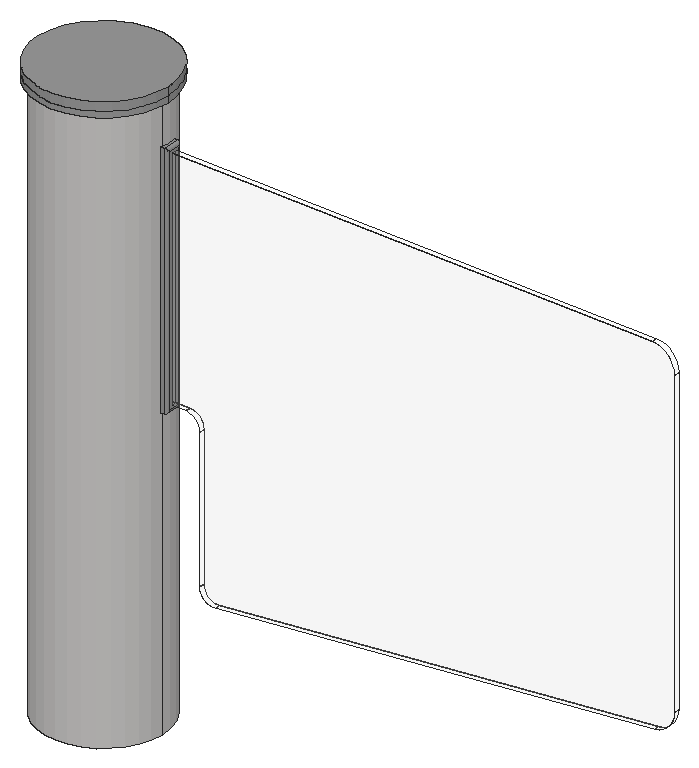
Revit family "CAME_Турникет_Калитка_WINGGL_Автоматическая", category Специальное оборудование, Revit 2019
Family settings
  Размер круглого соединителя = Использовать диаметр
  Тип детали = Нормальный
  На основе рабочей плоскости = Нет
  Всегда вертикально = Да
  При загрузке вырезать с полостями = Нет
  Общий = Нет
  Точка расчета площади = Нет
Parameters (values of type "900")
  Ширина створки = 900 mm
  Полуростовая = not(Полноростовая)  # yes
  Полноростовая = no
  Описание = "Турникет-калитка автоматическая. Корпус из нержавеющей стали AISI 304. Оснащена платой управления и светодиодным индикатором. Сервопозиционный электропривод створки с определением препятствий и разблокировкой при отключении электропитания. Створка из 10 мм закаленного стекла 900 мм (высота установленной створки 930). Встроенный блок питания."
  Изготовитель = "CAME"  # constant formula
  Группа модели = "Турникеты"  # constant formula
  Watermark [instance] = "Модели защищены уникальным кодом"
  URL = "https://camerussia.com"
  CAME_Тип механизма турникета = "моторизованный"  # constant formula
  CAME_Напряжение электропитания двигателя (В) = 24 V  # constant formula
  CAME_Класс защиты (IP) = "44"  # constant formula
  CAME_Интенсивность использования (%) = "ИНТЕНСИВНОЕ"  # constant formula
  CAME_Диапазон рабочих температур (°C) = "-20 ÷ +68"  # constant formula
  CAME_Время открывания (с) = "2.5"  # constant formula
  BL_Разработано = "support@bimlib.pro"  # constant formula
  BL_Email = "cru.info@came.com"  # constant formula
  BL_BIM library = "https://bimlib.pro/manufacturer/came/cf0b6efe-31e5-4ffa-b7ea-1d6fa84041d4/?tab=products"
  ADSK_Размер_Ширина = ADSK_Размер_Диаметр + Ширина створки  # 1130 mm
  ADSK_Размер_Диаметр = 230 mm  # constant formula
  ADSK_Размер_Высота = if(Полноростовая, 1500 mm, 1030 mm)  # 1030 mm
  ADSK_Полная мощность = ADSK_Номинальная мощность / ADSK_Коэффициент мощности  # 67.7083 VA
  ADSK_Обозначение = "ТУ 26.30.50-001-89603926-2021"  # constant formula
  ADSK_Номинальная мощность = 65 W  # constant formula
  ADSK_Напряжение = 230 V  # constant formula
  ADSK_Наименование краткое = "Турникет-калитка WING GL 900 мм"
  ADSK_Наименование = "Турникет-калитка моторизованная WING GL со створкой из закаленного стекла 900 мм"
  ADSK_Масса_Текст = "50"
  ADSK_Масса = 50
  ADSK_Марка = "АРТ:001PSWNG4GLA1"
  ADSK_Коэффициент мощности = 0.96
  ADSK_Количество фаз = 1  # constant formula
  ADSK_Количество = 1  # constant formula
  ADSK_Код изделия = "Код КСР 26.30.50.119.61.2.07.09"  # constant formula
  ADSK_Классификация нагрузок = Прочее
  ADSK_Завод-изготовитель = "CAME"  # constant formula
  ADSK_Единица измерения = "шт."  # constant formula
  ADSK_Группирование = "WING"  # constant formula
  ADSK_Версия семейства = "1.0"  # constant formula
  ADSK_Версия Revit = "2019"  # constant formula
  ADSK_URL страницы изделия = "https://camerussia.com/product/001pswng4gl1/"
  ADSK_URL документации изделия = "https://camerussia.com/uploads/support/instructions/files/Инструкция%20WING%20GL.pdf"
Types (4, lengths in mm): name | Ширина створки | Полуростовая | Полноростовая | Описание | ADSK_Размер_Ширина | ADSK_Размер_Высота | ADSK_Наименование краткое | ADSK_Наименование | ADSK_Масса_Текст | ADSK_Масса | ADSK_Марка
  (no name) | 900 | yes | no | "Турникет-калитка автоматическая. Корпус из нержавеющей стали AISI 304. Оснащена платой управления и светодиодным индикатором. Сервопозиционный электропривод створки с определением препятствий и разблокировкой при отключении электропитания. Створка из 10 мм закаленного стекла 900 мм (высота установленной створки 930). Встроенный блок питания." | 1130 | 1030 | "Турникет-калитка WING GL 900 мм" | "Турникет-калитка моторизованная WING GL со створкой из закаленного стекла 900 мм" | "50" | 50 | "АРТ:001PSWNG4GLA1"
  550 | 550 | yes | no | "Турникет-калитка автоматическая. Корпус из нержавеющей стали AISI 304. Оснащена платой управления и светодиодным индикатором. Сервопозиционный электропривод створки с определением препятствий и разблокировкой при отключении электропитания. Створка из 10 мм закаленного стекла 550 мм (высота установленной створки 930). Встроенный блок питания." | 780 | 1030 | "Турникет-калитка WING GL 550 мм" | "Турникет-калитка моторизованная WING GL со створкой из закаленного стекла 550 мм" | "50" | 50 | "АРТ:001PSWNG4GL1"
  900 | 900 | yes | no | "Турникет-калитка автоматическая. Корпус из нержавеющей стали AISI 304. Оснащена платой управления и светодиодным индикатором. Сервопозиционный электропривод створки с определением препятствий и разблокировкой при отключении электропитания. Створка из 10 мм закаленного стекла 900 мм (высота установленной створки 930). Встроенный блок питания." | 1130 | 1030 | "Турникет-калитка WING GL 900 мм" | "Турникет-калитка моторизованная WING GL со створкой из закаленного стекла 900 мм" | "50" | 50 | "АРТ:001PSWNG4GLA1"
  900 полноростовая | 900 | no | yes | "Турникет-калитка полноростовая автоматическая. Корпус из нержавеющей стали AISI 304 Оснащена платой управления и светодиодным индикатором. Сервопозиционный электропривод створки с определением препятствий и разблокировкой при отключении электропитания. Створка из 10 мм закаленного стекла 900 мм (высота установленной створки 1500). Встроенный блок питания." | 1130 | 1500 | "Турникет-калитка WING GL 900 мм полноростовая" | "Турникет-калитка полноростовая моторизованная WING GL со створкой из закаленного стекла 900 мм" | "90" | 90 | "АРТ:001PSWNG4GLA2"
Reference planes
  plane 1 "По центру (Вперед/Назад)": y = 0
  plane 2: z = 0
  plane 3 "По центру (Влево/Вправо)": x = 0
  plane 4: y = 115
  plane 5: y = -115
  plane 6: z = 1030
  plane 7: x = 115
  plane 8: x = -115
  plane 9: x = 1015
  plane 10: z = 1005
  plane 11: z = 230
  plane 12: z = 930
  plane 13: z = 160
Forms (mm)
  Extrusion 1, solid, material "CAME_Сталь_Нержавеющая_AISI 304", detail levels medium
    sketch origin (0, 0, 0) x (1, 0, 0) y (0, 1, 0)
      loop
        circle (0, 0) r 115
    from 0 to 1030
  Revolve 2, solid, material "CAME_Сталь_Нержавеющая_AISI 304", detail levels fine
    sketch origin (0, 0, 0) x (1, 0, 0) y (0, 0, 1)
      loop
        line (0, 0) -> (105, 0) -> (105, 1005) -> (0, 1005) -> (0, 0)
      axis (0, 1005) -> (0, 0)
    angle from 0 to 360
  Extrusion 3, solid, material "CAME_Камень_Гранитный_SGL01", detail levels fine
    sketch origin (-925.693, -1524, 1030) x (-1, 0, 0) y (0, -1, 0)
      loop
        circle (-925.693, -1524) r 115
    from 0 to -15
  Extrusion 4, solid, material "Индикатор синий", detail levels fine
    sketch origin (-925.693, -1524, 1030) x (-1, 0, 0) y (0, -1, 0)
      loop
        circle (-925.693, -1524) r 115
    from -25 to -15
  Extrusion 5, solid, material "CAME_Стекло_Закаленное", visible <- "Полуростовая", detail levels fine
    sketch origin (0, 0, 0) x (1, 0, 0) y (0, 0, 1)
      loop
        line (115, 930) -> (115, 530) -> (150, 530)
        arc (150, 530) -> (167.678, 522.678) -> (175, 505) r 25
        line (175, 505) -> (175, 260.153)
        arc (175, 260.153) -> (183.272, 241.574) -> (202.613, 235.29) r 25
        line (202.613, 235.29) -> (979.181, 316.911)
        arc (979.181, 316.911) -> (1004.726, 329.926) -> (1015, 356.691) r 40
        line (1015, 356.691) -> (1015, 890)
        arc (1015, 890) -> (1003.284, 918.284) -> (975, 930) r 40
        line (975, 930) -> (115, 930)
    from -5 to 5
  Extrusion 6, solid, material "CAME_Стекло_Закаленное", visible <- "Полуростовая", detail levels medium
    sketch origin (0, 0, 0) x (1, 0, 0) y (0, 0, 1)
      loop
        line (975, 930) -> (0, 930) -> (0, 230) -> (152.283, 230) -> (979.181, 316.911)
        arc (979.181, 316.911) -> (1004.726, 329.926) -> (1015, 356.691) r 40
        line (1015, 356.691) -> (1015, 890)
        arc (1015, 890) -> (1003.284, 918.284) -> (975, 930) r 40
    from -5 to 5
  Extrusion 7, void
    sketch origin (0, 0, 0) x (1, 0, 0) y (0, 1, 0)
      loop
        circle (0, 0) r 115
    from 0 to 1030
  Sweep 8, solid, material "CAME_Пластик_Черный", visible <- "Полуростовая", detail levels fine
    path origin (115, -933.795, 1200) x (0, -1, 0) y (0, 0, 1)
      loop
        line (-928.795, -270) -> (-938.795, -270) -> (-938.795, -670) -> (-928.795, -670) -> (-928.795, -270)
    profile origin (115, 0, 930) x (0, 0, -1) y (-1, 0, 0)
      loop
        line (0, -10) -> (0, 115) -> (-10, 115) -> (-10, -5)
        arc (-10, -5) -> (-8.536, -8.536) -> (-5, -10) r 5
        line (-5, -10) -> (0, -10)
  Extrusion 9, solid, material "CAME_Стекло_Закаленное", visible <- "Полноростовая", detail levels fine
    sketch origin (0, 0, 0) x (1, 0, 0) y (0, 0, 1)
      loop
        arc (215, 1030) -> (186.716, 1018.284) -> (175, 990) r 40
        line (175, 990) -> (175, 955)
        arc (175, 955) -> (167.678, 937.322) -> (150, 930) r 25
        line (150, 930) -> (115, 930) -> (115, 530) -> (150, 530)
        arc (150, 530) -> (167.678, 522.678) -> (175, 505) r 25
        line (175, 505) -> (175, 200)
        arc (175, 200) -> (186.716, 171.716) -> (215, 160) r 40
        line (215, 160) -> (975, 160)
        arc (975, 160) -> (1003.284, 171.716) -> (1015, 200) r 40
        line (1015, 200) -> (1015, 990)
        arc (1015, 990) -> (1003.284, 1018.284) -> (975, 1030) r 40
        line (975, 1030) -> (215, 1030)
    from -5 to 5
  Sweep 10, solid, material "CAME_Пластик_Черный", visible <- "Полноростовая", detail levels fine
    path origin (115, -933.795, 1200) x (0, -1, 0) y (0, 0, 1)
      loop
        line (-928.795, -270) -> (-938.795, -270) -> (-938.795, -670) -> (-928.795, -670) -> (-928.795, -270)
    profile origin (115, 0, 930) x (0, 0, -1) y (-1, 0, 0)
      loop
        line (0, 115) -> (-10, 115) -> (-10, -5)
        arc (-10, -5) -> (-8.536, -8.536) -> (-5, -10) r 5
        line (-5, -10) -> (0, -10) -> (0, 115)
  Extrusion 11, solid, material "CAME_Стекло_Закаленное", visible <- "Полноростовая", detail levels medium
    sketch origin (0, 0, 0) x (1, 0, 0) y (0, 0, 1)
      loop
        line (975, 1030) -> (0, 1030) -> (0, 160) -> (975, 160)
        arc (975, 160) -> (1003.284, 171.716) -> (1015, 200) r 40
        line (1015, 200) -> (1015, 990)
        arc (1015, 990) -> (1003.284, 1018.284) -> (975, 1030) r 40
    from -5 to 5
Cuts and joins
  Extrusion 7 cuts Extrusion 6
  Extrusion 7 cuts Sweep 8
  Extrusion 7 cuts Sweep 10
  Extrusion 7 cuts Extrusion 11
Lines and regions (mm)
  model lines, style "CAME", detail levels coarse
    curve 1: circle (0, 0, 0) r 115 normal (0, 0, 1)
    curve 2: line (115, 0, 0) -> (1015, 0, 0)
Dimensions and locks
  equal spacing: plane 5, plane 1 "По центру (Вперед/Назад)", plane 4
  "ADSK_Размер_Диаметр": plane 5 to plane 4
  "ADSK_Размер_Высота": plane 6 to plane 2
  equal spacing: plane 8, plane 3 "По центру (Влево/Вправо)", plane 7
  "ADSK_Размер_Диаметр": plane 8 to plane 7
  "ADSK_Размер_Ширина": plane 8 to plane 9
  locked: plane 6 to plane 10 at 25
  locked: plane 11 to plane 2 at 230
  locked: Revolve 2 sketch curve to plane 7 at 10
  locked: plane 12 to plane 2 at 930
  locked: Extrusion 5 sketch curve to plane 11 at 300
  locked: plane 7 to Extrusion 5 sketch curve at 60
  locked: Extrusion 5 sketch curve to plane 11 at 30.153
  locked: Sweep 8 sketch curve to plane 11 at 300
  locked: plane 13 to plane 2 at 160
  locked: plane 6 to Extrusion 9 sketch curve at 100
  locked: Extrusion 9 sketch curve to plane 13 at 370
  locked: plane 6 to Sweep 10 sketch curve at 100
  locked: Sweep 10 sketch curve to plane 11 at 300
  Sweep 10 sketch curve to plane 1 "По центру (Вперед/Назад)" to Sweep 10 sketch curve = 5 mm locked, 5 mm locked
  locked: profile plane to Sweep 10 sketch curve at 10
  "ADSK_Размер_Диаметр": diameter of Extrusion 1 sketch curve
  "ADSK_Размер_Диаметр": diameter of curve 1
  "ADSK_Размер_Диаметр": diameter of Extrusion 3 sketch curve
  "ADSK_Размер_Диаметр": diameter of Extrusion 4 sketch curve
  radius of Extrusion 5 sketch curve = 25 mm  (x2)
  radius of Extrusion 5 sketch curve = 40 mm  (x2)
  "ADSK_Размер_Диаметр": diameter of Extrusion 7 sketch curve
  radius of Extrusion 9 sketch curve = 40 mm  (x4)
  radius of Extrusion 9 sketch curve = 25 mm  (x2)
  radius of Sweep 10 sketch curve = 5 mm
  locked: plane 11 to Extrusion 5 sketch curve (angle 6.00°)
  aligned and locked: level to plane 2
  aligned and locked: plane 1 "По центру (Вперед/Назад)" to Extrusion 1 sketch curve
  aligned and locked: plane 3 "По центру (Влево/Вправо)" to Extrusion 1 sketch curve
  aligned and locked: plane 6 to Extrusion 1
  aligned and locked: plane 3 "По центру (Влево/Вправо)" to curve 1
  aligned and locked: plane 1 "По центру (Вперед/Назад)" to curve 1
  aligned and locked: plane 1 "По центру (Вперед/Назад)" to curve 2
  aligned and locked: plane 9 to curve 2
  aligned and locked: Revolve 2 sketch curve to plane 3 "По центру (Влево/Вправо)"
  aligned and locked: plane 3 "По центру (Влево/Вправо)" to Revolve 2 sketch curve
  aligned and locked: Revolve 2 sketch curve to plane 10
  aligned and locked: Revolve 2 sketch curve to plane 2
  aligned and locked: plane 1 "По центру (Вперед/Назад)" to Extrusion 3 sketch curve
  aligned and locked: plane 3 "По центру (Влево/Вправо)" to Extrusion 3 sketch curve
  aligned and locked: plane 1 "По центру (Вперед/Назад)" to Extrusion 4 sketch curve
  aligned and locked: plane 3 "По центру (Влево/Вправо)" to Extrusion 4 sketch curve
  aligned and locked: Extrusion 5 sketch curve to plane 7
  aligned and locked: Extrusion 5 sketch curve to plane 12
  aligned and locked: plane 9 to Extrusion 5 sketch curve
  aligned and locked: Extrusion 6 sketch curve to Extrusion 5  (x3)
  aligned and locked: Extrusion 6 sketch curve to plane 11
  aligned and locked: Extrusion 6 sketch curve to plane 3 "По центру (Влево/Вправо)"
  aligned and locked: plane 1 "По центру (Вперед/Назад)" to Extrusion 7 sketch curve
  aligned and locked: plane 3 "По центру (Влево/Вправо)" to Extrusion 7 sketch curve
  aligned and locked: plane 6 to Extrusion 7
  aligned and locked: Sweep 8 sketch curve to Extrusion 5
  aligned and locked: cut or joined group of Extrusion 6, Extrusion 7 to Sweep 8 sketch curve
  aligned and locked: Sweep 8 sketch curve to cut or joined group of Extrusion 6, Extrusion 7
  aligned and locked: Extrusion 9 sketch curve to plane 6
  aligned and locked: Extrusion 5 to Extrusion 9 sketch curve
  aligned and locked: Extrusion 9 sketch curve to plane 9
  aligned and locked: Extrusion 9 sketch curve to plane 13
  aligned and locked: Extrusion 9 sketch curve to Extrusion 9 sketch curve
  aligned and locked: Extrusion 9 sketch curve to plane 7
  aligned and locked: Sweep 10 sketch curve to profile plane
  aligned and locked: Extrusion 11 sketch curve to Extrusion 9  (x3)
  aligned and locked: Extrusion 11 sketch curve to plane 3 "По центру (Влево/Вправо)"
Automatic sketch dimensions
  Revolve 2 sketch curve to plane 6 = 0 mm
  Revolve 2 sketch curve to level = 366.045 mm
  Extrusion 5 sketch curve to Extrusion 5 sketch curve = 2.613 mm
  Extrusion 5 sketch curve to Extrusion 5 sketch curve = 4.181 mm
  plane 9 to Extrusion 6 sketch curve = 35.819 mm
  Sweep 8 sketch curve to profile plane = 0 mm
  profile plane to Sweep 8 sketch curve = 5 mm
  Sweep 8 sketch curve to plane 7 = 5 mm
  plane 7 to Sweep 8 sketch curve = 115 mm
  Sweep 8 sketch curve to Sweep 8 sketch curve = 5 mm
  profile plane to Sweep 10 sketch curve = 5 mm
  plane 7 to Sweep 10 sketch curve = 115 mm
Connectors
  electrical at (0, 0, 0), driven by "ADSK_Количество фаз", driven by "ADSK_Классификация нагрузок", driven by "ADSK_Напряжение", driven by "ADSK_Полная мощность", driven by "ADSK_Коэффициент мощности"
    settings: on Extrusion 1, index 1, voltage 230 V, apparent load 0 VA, apparent load phase1 67.7083 VA, apparent load phase2 0 VA, apparent load phase3 0 VA, power factor 0.96, load classification "Прочее", number of poles 1, system type 31, power factor state 1, is connector primary yes, connector utility no, sub classification motor no, connector description ""
